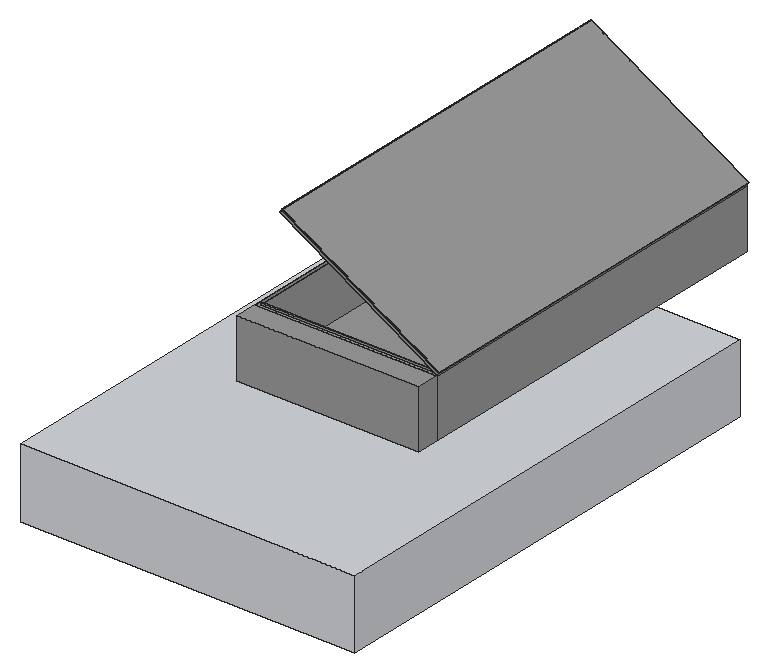
Revit family "Hager-Univers-IP55-D275-H1800-Cl.I-Steel_encl-CH-de", category Equipement électrique, Revit 2020
Family settings
  Hôte = Face
  Configuration du panneau = Deux colonnes, circuits au sein
  Cote de connecteur circulaire = Utiliser le diamètre
  Type d'élément = Tableau de raccordement
  Couper avec des vides une fois chargée = Non
  Partagée = Non
  Point de calcul de pièce = Non
Parameters (values of type "Bodenaufstellung IP55 B800 H1800 T275  - FR13E1")
  Width Control [instance] = if([EF000008 - Breite] > Min Width, [EF000008 - Breite], Min Width)  # 800 mm
  Commentaires du type = [HG000003 - Bereich]  # "Univers"
  Thickness Door [instance] = if([EF009171 - Materialstärke Tür/Deckel] > 3 mm, 3 mm, [EF009171 - Materialstärke Tür/Deckel])  # 1.5 mm
  Seal Frame Offset [instance] = 17 mm  # constant formula
  Plinth Visibility [instance] = [HG000027 - Sockelhöhe] > 0 mm  # yes
  Model = ""
  Min Width [instance] = 100 mm  # constant formula
  Min Height [instance] = 100 mm  # constant formula
  Min Depth [instance] = (2 * [EF009170 - Materialstärke Gehäuse]) + 1 mm  # 4 mm
  Internal Frame Depth [instance] = (Door System Depth * 0.5)  # 9 mm
  Height Control [instance] = if([EF000040 - Höhe] > Min Height, [EF000040 - Höhe], Min Height)  # 1800 mm
  HG000027 - Sockelhöhe = 100 mm
  HG000026 - Stehend auf dem Boden = yes
  HG000024 - Höhe des unteren Teils = 800 mm
  HG000023 - Gehäuse mit doppeltem Querschnitt = no
  HG000016 - 3D-Türsichtbarkeit [instance] = yes
  HG000015 - Sichtbarkeit der Türöffnung [instance] = no
  HG000014 - Tür rechts [instance] = yes
  HG000013 - Tür links [instance] = not([HG000014 - Tür rechts])  # no
  HG000012 - Türschwenkwinkel [instance] = 30.00°
  HG000010 - Asymmetrische Türen = no
  HG000009 - Doppelflügeligen Tür = no
  HG000006 - Unterputz = no
  HG000004 - Herstellerreferenz = "FR13E1"
  HG000003 - Bereich = "Univers"
  HG000002 - Mit tür = yes
  Frame Offset Bottom [instance] = 10 mm  # constant formula
  Frame Offset [instance] = 15 mm  # constant formula
  EF015940 - Deckel mit Überdruckentlastung = no
  EF011959 - Schutzart (NEMA) = ""
  EF009554 - Anzahl der Öffnungen für Flanschplatten = 6
  Fabricant = "Hager"  # constant formula
  EF009212 - Ausführung Deckel = "EV000116 - geschlossen"
  EF009171 - Materialstärke Tür/Deckel = 1.5 mm
  EF009170 - Materialstärke Gehäuse = 1.5 mm
  EF008873 - Nennstrom (In) = 800 A
  EF007800 - Geeignet für Blitzschutz = no
  EF006306 - Mit Schloss = no
  EF006244 - Transparenter Deckel/Tür = no
  EF005474 - Schutzart (IP) = "EV006420 - IP55"
  EF004464 - Art der Tür = "EV002646 - Einzel"
  EF004427 - Anzahl der Module = 396
  EF004293 - Schlagfestigkeit = "EV008784 - IK10"
  EF003532 - Geeignet für Außengebrauch = no
  EF002950 - Breite in Teilungseinheiten = 24
  EF001613 - Funktionserhalt = "EV000494 - ohne"
  EF001596 - Werkstoff des Gehäuses = "EV000179 - Stahl"
  EF001131 - Innentiefe = 275 mm
  EF001088 - Anbaumöglichkeit = yes
  EF000437 - Anzahl der Leitungseinführungen = 6
  EF000339 - Art der Abdeckung = "EV004216 - Tür"
  EF000266 - Anzahl der Reihen = 11
  EF000218 - Einbautiefe = 0 mm
  EF000118 - Mit Montageplatte = no
  EF000116 - RAL-Nummer = "7035"
  EF000049 - Tiefe = 275 mm
  EF000040 - Höhe = 1800 mm
  EF000008 - Breite = 800 mm
  EF000007 - Farbe = "EV000270 - grau"
  EF000003 - Montageart = "EV012274 - Bodenaufstellung"
  Door System Leaf Tolerance [instance] = 1.5 mm  # constant formula
  Door System Depth [instance] = 18 mm  # constant formula
  Door Height [instance] = Height Control - [HG000027 - Sockelhöhe]  # 1700 mm
  Depth Control [instance] = if([EF000049 - Tiefe] > Min Depth, [EF000049 - Tiefe], Min Depth)  # 275 mm
  Default Elevation = 0 mm
  Connector Offset [instance] = Height Control / 2  # 900 mm
  Bottom Top Plate Trim [instance] = 1.5 mm  # constant formula
  Plinth height Ctrl [instance] = if([HG000027 - Sockelhöhe] > 0 mm, [HG000027 - Sockelhöhe], 12 mm)  # 100 mm
Types (5, lengths in mm): name | Width Control | HG000010 - Asymmetrische Türen | HG000009 - Doppelflügeligen Tür | HG000004 - Herstellerreferenz | EF009554 - Anzahl der Öffnungen für Flanschplatten | EF004464 - Art der Tür | EF004427 - Anzahl der Module | EF000437 - Anzahl der Leitungseinführungen | EF000008 - Breite
  Bodenaufstellung IP55 B1050 H1800 T275  - FR14E1 | 1050 | yes | yes | "FR14E1" | 8 | "EV003602 - Doppel" | 528 | 8 | 1050
  Bodenaufstellung IP55 B1300 H1800 T275  - FR15E1 | 1300 | yes | yes | "FR15E1" | 10 | "EV003602 - Doppel" | 660 | 10 | 1300
  Bodenaufstellung IP55 B300 H1800 T275  - FR11E1 | 300 | no | no | "FR11E1" | 2 | "EV002646 - Einzel" | 132 | 2 | 300
  Bodenaufstellung IP55 B550 H1800 T275  - FR12E1 | 550 | no | no | "FR12E1" | 4 | "EV002646 - Einzel" | 264 | 4 | 550
  Bodenaufstellung IP55 B800 H1800 T275  - FR13E1 | 800 | no | no | "FR13E1" | 6 | "EV002646 - Einzel" | 396 | 6 | 800
Reference planes
  plane 1 "Center (Front/Back)": y = 0
  plane 2: z = 0
  plane 3 "Center (Left/Right)": x = 0
  plane 4: z = 275
  plane 5: y = 101.5
  plane 6: y = 950
  plane 7: y = 100
  plane 8: y = 1800
  plane 9: z = 0
  plane 10: x = -385
  plane 11: x = 385
  plane 12: x = 383.5
  plane 13: x = -383.5
  plane 14: y = 1798.5
  plane 15: x = -383
  plane 16: x = -400
  plane 17: x = 383
  plane 18: x = 400
  plane 19: x = 398.5
  plane 20: x = -398.5
  plane 21: y = 111.5
  plane 22: y = 1800
  plane 23: y = 1783.5
  plane 24: z = 257
  plane 25: z = 1.5
  plane 26: z = 255.5
  plane 27: z = 273.5
Forms (mm)
  Extrusion 1, solid
    sketch origin (0, 0, 0) x (1, 0, 0) y (0, 1, 0)
      loop
        line (-702.964, 1305) -> (-702.964, -811.445) -> (766.763, -811.445) -> (766.763, 1305) -> (-702.964, 1305)
    from 0 to -304.8
  Extrusion 2, solid, material "Hager_Steel_RAL7035_Light_Grey", visible <- "Plinth Visibility", detail levels medium+fine
    sketch origin (0, 0, 0) x (1, 0, 0) y (0, 1, 0)
      loop
        line (-400, 0) -> (400, 0) -> (400, 100) -> (-400, 100) -> (-400, 0)
    from 0 to 257
  Extrusion 3, solid, material "Hager_Steel_RAL7035_Light_Grey", detail levels medium+fine
    sketch origin (0, 0, 0) x (1, 0, 0) y (0, 1, 0)
      loop
        line (-400, 100) -> (400, 100) -> (400, 1800) -> (-400, 1800) -> (-400, 100)
    from 0 to 257
  Extrusion 4, void
    sketch origin (0, 0, 0) x (1, 0, 0) y (0, 1, 0)
      loop
        line (-398.5, 101.5) -> (398.5, 101.5) -> (398.5, 1798.5) -> (-398.5, 1798.5) -> (-398.5, 101.5)
    from 1.5 to 255.5
  Extrusion 5, void
    sketch origin (-381.607, -4572, 257) x (0, -1, 0) y (-1, 0, 0)
      loop
        line (-4683.5, 1.893) -> (-6355.5, 1.893) -> (-6355.5, -765.107) -> (-4683.5, -765.107) -> (-4683.5, 1.893)
    from 0 to 1.5 <- "EF009170 - Materialstärke Gehäuse"
  Extrusion 6, solid, material "Hager_Steel_RAL7035_Light_Grey", detail levels fine
    sketch origin (0, 0, 257) x (1, 0, 0) y (0, 1, 0)
      loop
        line (-383.5, 1783.5) -> (-383.5, 111.5) -> (383.5, 111.5) -> (383.5, 1783.5) -> (-383.5, 1783.5)
      loop
        line (-385, 110) -> (385, 110) -> (385, 1785) -> (-385, 1785) -> (-385, 110)
    from 0 to 9 <- "Internal Frame Depth"
  Extrusion 7, solid, material "Hager_Steel_RAL7035_Light_Grey", detail levels coarse
    sketch origin (0, 0, 0) x (1, 0, 0) y (0, 1, 0)
      loop
        line (-400, 0) -> (400, 0) -> (400, 1800) -> (-400, 1800) -> (-400, 0)
    from 0 to 275
  Sweep 8, void
    path in 3D
      loop
        line (-400, 100, 0) -> (400, 100, 0) -> (400, 100, 257) -> (-400, 100, 257) -> (-400, 100, 0)
    profile origin (-400, 100, 128.5) x (-1, 0, 0) y (0, -1, 0)
      loop
        line (0, 0) -> (0, 1.5) -> (-1.5, 1.5)
        arc (-1.5, 1.5) -> (-1.061, 0.439) -> (0, 0) r 1.5
Cuts and joins
  Extrusion 4, Extrusion 5 cuts Extrusion 3
  Sweep 8 cuts Extrusion 2
Lines and regions (mm)
  Masking region 1
    outline origin (0, 0, 0) x (1, 0, 0) y (0, 0, 1)
      loop
        line (-400, 275) -> (-400, 0) -> (400, 0) -> (400, 275) -> (-400, 275)
  Masking region 2, detail levels medium+fine
    outline origin (0, 140, 0) x (0, 1, 0) y (0, 0, 1)
      loop
        line (-40, 0) -> (1660, 0) -> (1660, 257) -> (-40, 257) -> (-40, 0)
  Masking region 3, not visible, detail levels medium+fine
    outline origin (0, 297.922, 0) x (0, 1, 0) y (0, 0, 1)
      loop
        line (663.578, 0) -> (703.578, 0) -> (703.578, 263.5)
        arc (703.578, 263.5) -> (700.649, 270.571) -> (693.578, 273.5) r 10
        line (693.578, 273.5) -> (663.578, 273.5) -> (663.578, 0)
  Masking region 4, detail levels coarse
    outline origin (0, 0, 180) x (0, 1, 0) y (0, 0, 1)
      loop
        line (0, -180) -> (1800, -180) -> (1800, 95) -> (0, 95) -> (0, -180)
  Masking region 5, visible <- "Plinth Visibility", detail levels medium+fine
    outline origin (0, 52.24, 12.345) x (0, 0, -1) y (0, 1, 0)
      loop
        line (10.845, 47.76) -> (-243.155, 47.76)
        arc (-243.155, 47.76) -> (-243.594, 46.699) -> (-244.655, 46.26) r 1.5
        line (-244.655, 46.26) -> (-244.655, -52.24) -> (12.345, -52.24) -> (12.345, 46.26)
        arc (12.345, 46.26) -> (11.285, 46.699) -> (10.845, 47.76) r 1.5
  Masking region 6, detail levels medium+fine
    outline origin (-381.607, -4572, 257) x (-1, 0, 0) y (0, -1, 0)
      loop
        line (18.393, -6372) -> (18.393, -4672) -> (-781.607, -4672) -> (-781.607, -6372) -> (18.393, -6372)
  Masking region 7, visible <- "Plinth Visibility", detail levels medium+fine
    outline origin (-381.607, -4727, 257) x (-1, 0, 0) y (0, -1, 0)
      loop
        arc (16.893, -4827) -> (17.332, -4825.939) -> (18.393, -4825.5) r 1.5
        line (18.393, -4825.5) -> (18.393, -4727) -> (-781.607, -4727) -> (-781.607, -4825.5)
        arc (-781.607, -4825.5) -> (-780.546, -4825.939) -> (-780.107, -4827) r 1.5
        line (-780.107, -4827) -> (16.893, -4827)
  Masking region 8, detail levels coarse
    outline origin (-442.548, -4669.526, 257) x (-1, 0, 0) y (0, -1, 0)
      loop
        line (-42.548, -6469.526) -> (-42.548, -4669.526) -> (-842.548, -4669.526) -> (-842.548, -6469.526) -> (-42.548, -6469.526)
  sketch lines
    curve 1: line (-400, 100, 257) -> (-400, 100, 0)
    curve 2: line (400, 100, 257) -> (-400, 100, 257)
    curve 3: line (400, 100, 257) -> (400, 100, 0)
    curve 4: line (-400, 100, 0) -> (400, 100, 0)
Dimensions and locks
  "Depth Control": plane 4 to Extrusion 1
  "HG000027 - Sockelhöhe": plane 1 "Center (Front/Back)" to plane 7
  "EF009170 - Materialstärke Gehäuse": plane 5 to plane 7
  locked: connector elem to plane 3 "Center (Left/Right)"
  equal spacing: plane 8, plane 6, plane 7
  locked: connector elem to plane 6
  "EF009170 - Materialstärke Gehäuse": plane 8 to plane 14
  "EF009170 - Materialstärke Gehäuse": plane 10 to plane 13
  "EF009170 - Materialstärke Gehäuse": plane 12 to plane 11
  "Frame Offset": plane 20 to plane 13
  "Frame Offset": plane 12 to plane 19
  "EF009170 - Materialstärke Gehäuse": plane 16 to plane 20
  "EF009170 - Materialstärke Gehäuse": plane 19 to plane 18
  "Seal Frame Offset": plane 16 to plane 15
  "Seal Frame Offset": plane 17 to plane 18
  "Frame Offset Bottom": plane 21 to plane 5
  "Frame Offset": plane 14 to plane 23
  equal spacing: plane 16, plane 3 "Center (Left/Right)", plane 18
  "Width Control": plane 16 to plane 18
  "EF009170 - Materialstärke Gehäuse": plane 4 to plane 27
  "EF009170 - Materialstärke Gehäuse": plane 24 to plane 26
  "EF009170 - Materialstärke Gehäuse": plane 25 to level
  "Door System Depth": plane 4 to plane 24
  "Height Control": plane 1 "Center (Front/Back)" to Extrusion 7 sketch curve
  "Height Control": Masking region 4 sketch curve to plane 1 "Center (Front/Back)"
  "Height Control": plane 1 "Center (Front/Back)" to plane 22
  "Bottom Top Plate Trim": profile plane to Sweep 8 sketch curve
  "Bottom Top Plate Trim": Sweep 8 sketch curve to profile plane
  "Plinth height Ctrl": plane 1 "Center (Front/Back)" to Extrusion 2 sketch curve
  "Plinth height Ctrl": Masking region 5 sketch curve to plane 1 "Center (Front/Back)"
  "Plinth height Ctrl": plane 1 "Center (Front/Back)" to Masking region 7 sketch curve
  "Thickness Door": Extrusion 6 sketch curve to Extrusion 6 sketch curve  (x3)
  "Thickness Door": cut or joined group of Extrusion 3, Extrusion 4, Extrusion 5 to Extrusion 6 sketch curve
  radius of Masking region 3 sketch curve = 10 mm
  "Bottom Top Plate Trim": radius of Masking region 5 sketch curve  (x2)
  "Bottom Top Plate Trim": radius of Sweep 8 sketch curve
  "Bottom Top Plate Trim": radius of Masking region 7 sketch curve  (x2)
  aligned and locked: plane 2 to Extrusion 1
  aligned and locked: level to Extrusion 1
  aligned and locked: level to Masking region 1 sketch curve
  aligned and locked: Masking region 1 sketch curve to plane 18
  aligned and locked: Masking region 1 sketch curve to plane 16
  aligned and locked: plane 7 to Masking region 2 sketch curve
  aligned and locked: level to Masking region 3 sketch curve
  aligned and locked: Masking region 3 sketch curve to plane 27
  aligned and locked: level to Masking region 2 sketch curve
  aligned and locked: plane 1 "Center (Front/Back)" to Extrusion 2 sketch curve
  aligned and locked: Extrusion 3 sketch curve to plane 7
  aligned and locked: plane 16 to Extrusion 3 sketch curve
  aligned and locked: plane 18 to Extrusion 3 sketch curve
  aligned and locked: plane 20 to Extrusion 4 sketch curve
  aligned and locked: plane 19 to Extrusion 4 sketch curve
  aligned and locked: Extrusion 4 sketch curve to plane 5
  aligned and locked: Extrusion 4 to plane 25
  aligned and locked: plane 26 to Extrusion 4
  aligned and locked: plane 24 to Extrusion 3
  aligned and locked: Extrusion 5 sketch curve to plane 21
  aligned and locked: Extrusion 5 sketch curve to plane 13
  aligned and locked: Extrusion 5 sketch curve to plane 12
  aligned and locked: plane 18 to Extrusion 7 sketch curve
  aligned and locked: plane 1 "Center (Front/Back)" to Extrusion 7 sketch curve
  aligned and locked: plane 16 to Extrusion 7 sketch curve
  aligned and locked: plane 4 to Extrusion 7
  aligned and locked: Extrusion 7 to level
  aligned and locked: level to Masking region 4 sketch curve
  aligned and locked: Masking region 4 sketch curve to plane 1 "Center (Front/Back)"
  aligned and locked: Masking region 4 sketch curve to plane 4
  aligned and locked: nested 1 to level
  aligned and locked: nested 1 to plane 16
  aligned and locked: plane 8 to Extrusion 3 sketch curve
  aligned and locked: plane 23 to Extrusion 5 sketch curve
  aligned and locked: plane 14 to Extrusion 4 sketch curve
  aligned and locked: Masking region 2 sketch curve to plane 8
  aligned and locked: level to Masking region 5 sketch curve
  aligned and locked: plane 16 to Extrusion 2 sketch curve
  aligned and locked: plane 18 to Extrusion 2 sketch curve
  aligned and locked: Masking region 5 sketch curve to plane 24
  aligned and locked: Masking region 2 sketch curve to plane 24
  aligned and locked: plane 24 to Extrusion 2
  aligned and locked: profile plane to Sweep 8 sketch curve  (x2)
  aligned and locked: Masking region 6 sketch curve to plane 18
  aligned and locked: Masking region 6 sketch curve to plane 22
  aligned and locked: Masking region 6 sketch curve to plane 16
  aligned and locked: plane 8 to plane 22
  aligned and locked: Masking region 6 sketch curve to plane 7
  aligned and locked: Masking region 7 sketch curve to plane 16
  aligned and locked: Masking region 7 sketch curve to plane 1 "Center (Front/Back)"
  aligned and locked: Masking region 7 sketch curve to plane 18
  aligned and locked: Masking region 8 sketch curve to plane 1 "Center (Front/Back)"
  aligned and locked: Masking region 8 sketch curve to plane 18
  aligned and locked: Masking region 8 sketch curve to plane 22
  aligned and locked: Masking region 8 sketch curve to plane 16
  aligned and locked: nested 2 to plane 7
  aligned and locked: plane 3 "Center (Left/Right)" to nested 2
  aligned and locked: nested 2 to plane 24
  aligned and locked: Extrusion 6 sketch curve to cut or joined group of Extrusion 3, Extrusion 4, Extrusion 5  (x4)
Automatic sketch dimensions
  Extrusion 1 sketch curve to Extrusion 1 sketch curve = 1469.727 mm
  Extrusion 1 sketch curve to Extrusion 1 sketch curve = 2116.445 mm
  Masking region 1 sketch curve to plane 4 = 0 mm
  plane 6 to Masking region 3 sketch curve = 11.5 mm
  Masking region 3 sketch curve to Masking region 3 sketch curve = 30 mm
  Masking region 5 sketch curve to plane 1 "Center (Front/Back)" = 0 mm
Nested families
  nested 1: "Hager_Enclosure_Symbol" at (-400, 0, 0) x (1, 0, 0) z (0, -1, 0), Height <- "Depth Control", Width <- "Width Control", type "Hager_Enclosure_Symbol"
    with Width_Ctrl 800 mm, Width 800 mm, Height_Ctrl 275 mm, Height 275 mm, A_Width_Int 18.047 mm, A_Width 216.562 mm, A_Height_Ctrl 240.625 mm, A_Height 240.625 mm
  nested 2: "EC000058_Univers_Door" at (0, 100, 257) x (1, 0, 0) z (0, 1, 0), Leaf_Tolerance <- "Door System Leaf Tolerance", Angle <- "HG000012 - Türschwenkwinkel", Door_Depth <- "Door System Depth", Door_Left <- "HG000013 - Tür links", Transparent <- "EF006244 - Transparenter Deckel/Tür", Assymetrical <- "HG000010 - Asymmetrische Türen", Width <- "Width Control", Clearance <- "HG000015 - Sichtbarkeit der Türöffnung", Double <- "HG000009 - Doppelflügeligen Tür", 3d_Door <- "HG000016 - 3D-Türsichtbarkeit", Lock_Visibility <- "EF006306 - Mit Schloss", Width_Ctrl <- "Width Control", Door_Right <- "HG000014 - Tür rechts", Door <- "HG000002 - Mit tür", Height <- "Door Height", Thickness <- "Thickness Door", type "EC000058_Univers_Door", detail levels medium+fine
    with min_wh 4 mm, Width_Ctrl 800 mm, Width 800 mm, Transparent no, Thickness 1.5 mm, Seal_Material Hager_Rubber, Lock_Visibility no, Lock_Material Hager_Plastic_RAL9005_Jet_Black, Leaf_Width 800 mm, Leaf_Tolerance_External_Sides 0 mm, Leaf_Tolerance 1.5 mm, Leaf_Offset 0 mm, Leaf_Height 1697 mm, Leaf_2_Width 800 mm, Leaf_2_Offset 400 mm, Leaf_1_Width 800 mm, Leaf_1_Offset 400 mm, Height_Ctrl 1700 mm, Height 1700 mm, Glass_Material Hager_Glass, Double_Clearance_Ctrl no, Double no, Door_Right_Ctrl yes, Door_Right yes, Door_Material Hager_Steel_RAL7035_Light_Grey, Door_Left_Ctrl no, Door_Left no, Door_Depth 18 mm, Door yes, Clearance_Material Hager_Clearance, Clearance_Depth 800 mm, Clearance_Ctrl no, Clearance no, Assymetrical no, Angle 30.00°, 3d_Door yes
Connectors
  electrical at (0, 950, 0)
    settings: on plane 9, index 1, voltage 0 V, apparent load 0 VA, apparent load phase1 0 VA, apparent load phase2 0 VA, apparent load phase3 0 VA, power factor 1, load classification "Other", number of poles 1, system type 30, power factor state 1, is connector primary yes, connector utility no, sub classification motor no, connector description ""
Definition of nested family "EC000058_Univers_Door"
  Parameters (values of type "EC000058_Univers_Door")
    min_wh [instance] = (2 * Thickness) + 1 mm  # 11 mm
    Width_Ctrl [instance] = 400 mm
    Width [instance] = 500 mm
    Transparent [instance] = yes
    Thickness [instance] = 5 mm
    Seal_Material [instance] = none
    Lock_Visibility [instance] = yes
    Lock_Material [instance] = none
    Leaf_Width [instance] = if((Width_Ctrl - 2 * Leaf_Tolerance_External_Sides) > 0 mm, (Width_Ctrl - 2 * Leaf_Tolerance_External_Sides), min_wh)  # 400 mm
    Leaf_Tolerance_External_Sides [instance] = 0 mm  # constant formula
    Leaf_Tolerance [instance] = 1.5 mm
    Leaf_Offset [instance] = 0 mm  # constant formula
    Leaf_Height [instance] = if((Height_Ctrl - 2 * Leaf_Tolerance) > 0 mm, (Height_Ctrl - 2 * Leaf_Tolerance), min_wh)  # 497 mm
    Leaf_2_Width [instance] = if(and(and(Double, Assymetrical), Door_Left), (Leaf_Width / 3) - (Leaf_Tolerance / 2), if(and(and(Double, Assymetrical), Door_Right), (Leaf_Width / 3) * 2 - (Leaf_Tolerance / 2), if(and(Double, not(Assymetrical)), (Leaf_Width / 2) - Leaf_Tolerance, Leaf_Width)))  # 400 mm
    Leaf_2_Offset [instance] = if(and(Double, Assymetrical), Leaf_2_Width / 2, if(and(Double, not(Assymetrical)), Leaf_Width / 4, Leaf_Width / 2))  # 200 mm
    Leaf_1_Width [instance] = if(and(and(Double, Assymetrical), Door_Right), (Leaf_Width / 3) - (Leaf_Tolerance / 2), if(and(and(Double, Assymetrical), Door_Left), (Width / 3) * 2 - (Leaf_Tolerance / 2), if(and(Double, not(Assymetrical)), (Leaf_Width / 2) - Leaf_Tolerance, Leaf_Width)))  # 400 mm
    Leaf_1_Offset [instance] = if(and(Double, Assymetrical), Leaf_1_Width / 2, if(and(Double, not(Assymetrical)), Leaf_Width / 4, Leaf_Width / 2))  # 200 mm
    Height_Ctrl [instance] = if(Height > min_wh, Height, min_wh)  # 500 mm
    Height [instance] = 500 mm
    Glass_Material [instance] = none
    Double_Clearance_Ctrl [instance] = and(Double, Clearance)  # no
    Double [instance] = no
    Door_Right_Ctrl [instance] = and(or(Door_Right, Double), Door)  # yes
    Door_Right [instance] = yes
    Door_Material [instance] = none
    Door_Left_Ctrl [instance] = and(or(Door_Left, Double), Door)  # no
    Door_Left [instance] = no
    Door_Depth [instance] = 30 mm
    Door [instance] = yes
    Default Elevation = 1219.2 mm
    Clearance_Material [instance] = none
    Clearance_Depth [instance] = if(Leaf_1_Width > Leaf_2_Width, Leaf_1_Width, Leaf_2_Width)  # 400 mm
    Clearance_Ctrl [instance] = and(not(Double), Clearance)  # yes
    Clearance [instance] = yes
    Assymetrical [instance] = yes
    Angle [instance] = 30.00°
    3d_Door [instance] = yes
  Reference planes
    plane 1 "Center (Front/Back)": y = 0
    plane 2 "Bottom": z = 0
    plane 3 "Center (Left/Right)": x = 0
    plane 4: z = 500
    plane 5: x = -200
    plane 6: x = 200
    plane 7: z = 500
    plane 8: x = -200
    plane 9: z = 0
    plane 10: x = 200
    plane 11: y = 0
    plane 12: z = 1.5
    plane 13: x = -600
    plane 14: y = -400
    plane 15: x = 600
    plane 16: x = 0
    plane 17: x = 0
    plane 18: x = -200
    plane 19: x = 200
    plane 20: z = 498.5
  Forms (mm)
    Extrusion 1, solid, material <- "Clearance_Material", visible <- "Double_Clearance_Ctrl"
      sketch origin (1200, 0, 0) x (1, 0, 0) y (0, 0, -1)
        loop
          line (-1800, -498.5) -> (-600, -498.5) -> (-600, 0) -> (-1800, 0) -> (-1800, -498.5)
      from 0 to -400
  Dimensions and locks
    equal spacing: plane 5, plane 3 "Center (Left/Right)", plane 6
    "Width_Ctrl": plane 5 to plane 6
    "Leaf_Offset": plane 5 to plane 8
    "Leaf_Offset": plane 6 to plane 10
    "Leaf_Offset": plane 9 to level
    "Leaf_Offset": plane 4 to plane 7
    "Height_Ctrl": plane 4 to level
    "Leaf_Tolerance": plane 12 to plane 9
    locked: plane 11 to plane 1 "Center (Front/Back)"
    "Leaf_1_Offset": plane 18 to plane 16
    "Leaf_2_Offset": plane 17 to plane 19
    "Leaf_1_Width": plane 13 to plane 8
    "Leaf_2_Width": plane 10 to plane 15
    "Clearance_Depth": plane 14 to plane 1 "Center (Front/Back)"
    "Leaf_Tolerance_External_Sides": plane 8 to plane 18
    "Leaf_Tolerance_External_Sides": plane 19 to plane 10
    "Leaf_Tolerance": plane 7 to plane 20
    aligned and locked: level to plane 2 "Bottom"
    aligned and locked: nested 1 to plane 16
    aligned and locked: nested 2 to plane 17
    aligned and locked: Extrusion 1 to plane 13
    aligned and locked: plane 15 to Extrusion 1
    aligned and locked: Extrusion 1 to plane 14
    aligned and locked: plane 12 to nested 1
    aligned and locked: nested 2 to plane 12
    aligned and locked: Extrusion 1 to plane 11
    aligned and locked: plane 20 to Extrusion 1
    aligned and locked: nested 2 to plane 11
    aligned and locked: nested 1 to plane 11
  Automatic sketch dimensions
    Extrusion 1 sketch curve to level = 0 mm
    plane 5 to Extrusion 1 sketch curve = 400 mm
    plane 6 to Extrusion 1 sketch curve = 400 mm
    Extrusion 1 sketch curve to plane 4 = 1.5 mm
  Nested families
    nested 1: "EC000058_Univers_Door_Leaf" at (0, 0, 1.5), Width <- "Leaf_1_Width", visible <- "Door_Left_Ctrl", Leaf_Height <- "Leaf_Height", Angle <- "Angle", 3d_Door <- "3d_Door", Transparent <- "Transparent", Clearance Material <- "Clearance_Material", Clearance <- "Clearance_Ctrl", Door_Material <- "Door_Material", Glass_Material <- "Glass_Material", Door_Depth <- "Door_Depth", Lock_Material <- "Lock_Material", Seal_Material <- "Seal_Material", Lock_Visibility <- "Lock_Visibility", Thickness <- "Thickness", type "EC000058_Univers_Door_Leaf"
      with Width 400 mm, Transparent_Glass_Offset 30 mm, Transparent_Ctrl yes, Transparent yes, Thickness 5 mm, Standard no, Seal_Material none, Seal_D2 8 mm, Seal_D1 1 mm, Offset_Internal_Frame 10 mm, Lock_Width 20 mm, Lock_Visibility_3d yes, Lock_Visibility yes, Lock_Thickness_3 3 mm, Lock_Thickness_2 1 mm, Lock_Thickness_1 3 mm, Lock_Radius_Offset_2 16 mm, Lock_Radius_Offset_1 15 mm, Lock_Radius_2 5 mm, Lock_Radius 6 mm, Lock_Offset 5 mm, Lock_Material none, Lock_Height 80 mm, Lock_Cover_Top_Offset_2d 17 mm, Lock_Cover_Height -65 mm, Leaf_Height 497 mm, Internal_Seal_Thickness 8 mm, Internal_Seal_Depth_2 4.5 mm, Internal_Frame_Depth 25 mm, Glass_Thickness -1 mm, Glass_Offset -2 mm, Glass_Material none, Door_Material none, Door_Depth 30 mm, Clearance Material none, Clearance yes, Angle_Ctrl 30.00°, Angle 30.00°, 3d_Door yes
    nested 2: "EC000058_Univers_Door_Leaf" at (0, 0, 1.5) x (-1, 0, 0) z (0, 0, 1), Width <- "Leaf_2_Width", visible <- "Door_Right_Ctrl", Leaf_Height <- "Leaf_Height", Angle <- "Angle", 3d_Door <- "3d_Door", Transparent <- "Transparent", Clearance Material <- "Clearance_Material", Clearance <- "Clearance_Ctrl", Door_Material <- "Door_Material", Glass_Material <- "Glass_Material", Door_Depth <- "Door_Depth", Lock_Material <- "Lock_Material", Seal_Material <- "Seal_Material", Lock_Visibility <- "Lock_Visibility", Thickness <- "Thickness", type "EC000058_Univers_Door_Leaf"
      with Width 400 mm, Transparent_Glass_Offset 30 mm, Transparent_Ctrl yes, Transparent yes, Thickness 5 mm, Standard no, Seal_Material none, Seal_D2 8 mm, Seal_D1 1 mm, Offset_Internal_Frame 10 mm, Lock_Width 20 mm, Lock_Visibility_3d yes, Lock_Visibility yes, Lock_Thickness_3 3 mm, Lock_Thickness_2 1 mm, Lock_Thickness_1 3 mm, Lock_Radius_Offset_2 16 mm, Lock_Radius_Offset_1 15 mm, Lock_Radius_2 5 mm, Lock_Radius 6 mm, Lock_Offset 5 mm, Lock_Material none, Lock_Height 80 mm, Lock_Cover_Top_Offset_2d 17 mm, Lock_Cover_Height -65 mm, Leaf_Height 497 mm, Internal_Seal_Thickness 8 mm, Internal_Seal_Depth_2 4.5 mm, Internal_Frame_Depth 25 mm, Glass_Thickness -1 mm, Glass_Offset -2 mm, Glass_Material none, Door_Material none, Door_Depth 30 mm, Clearance Material none, Clearance yes, Angle_Ctrl 30.00°, Angle 30.00°, 3d_Door yes
  Definition of nested family "EC000058_Univers_Door_Leaf"
    Parameters (values of type "EC000058_Univers_Door_Leaf")
      Width [instance] = 2000 mm
      Transparent_Glass_Offset [instance] = 30 mm
      Transparent_Ctrl [instance] = and(Transparent, [3d_Door])  # yes
      Transparent [instance] = yes
      Thickness [instance] = 5 mm
      Standard [instance] = and(not(Transparent), [3d_Door])  # no
      Seal_Material [instance] = none
      Seal_D2 [instance] = 8 mm  # constant formula
      Seal_D1 [instance] = 1 mm  # constant formula
      Offset_Internal_Frame [instance] = 10 mm  # constant formula
      Lock_Width [instance] = 20 mm  # constant formula
      Lock_Visibility_3d [instance] = and(Lock_Visibility, [3d_Door])  # yes
      Lock_Visibility [instance] = yes
      Lock_Thickness_3 [instance] = 3 mm  # constant formula
      Lock_Thickness_2 [instance] = 1 mm  # constant formula
      Lock_Thickness_1 [instance] = 3 mm  # constant formula
      Lock_Radius_Offset_2 [instance] = Lock_Radius_Offset_1 + 1 mm  # 16 mm
      Lock_Radius_Offset_1 [instance] = 15 mm  # constant formula
      Lock_Radius_2 [instance] = Lock_Radius - 1 mm  # 5 mm
      Lock_Radius [instance] = 6 mm  # constant formula
      Lock_Offset [instance] = 5 mm  # constant formula
      Lock_Material [instance] = none
      Lock_Height [instance] = 80 mm  # constant formula
      Lock_Cover_Top_Offset_2d [instance] = Lock_Radius_Offset_2 + 1 mm  # 17 mm
      Lock_Cover_Height [instance] = -(Lock_Height - Lock_Radius_Offset_1)  # -65 mm
      Leaf_Height [instance] = 2720.336 mm
      Internal_Seal_Thickness [instance] = 8 mm  # constant formula
      Internal_Seal_Depth_2 [instance] = 4.5 mm  # constant formula
      Internal_Frame_Depth [instance] = if(Door_Depth - Thickness > 5 mm, Door_Depth - Thickness, 5 mm)  # 25 mm
      Glass_Thickness [instance] = if(Thickness > 15 mm, Glass_Offset + 10 mm, -1 mm)  # -1 mm
      Glass_Offset [instance] = if(Thickness > 15 mm, -(Thickness + 10 mm) / 2, -2 mm)  # -2 mm
      Glass_Material [instance] = none
      Door_Material [instance] = none
      Door_Depth [instance] = 30 mm
      Default Elevation = 0 mm
      Clearance Material [instance] = none
      Clearance [instance] = yes
      Angle_Ctrl [instance] = if(Angle > 180.00°, 180.00°, Angle)  # 90.00°
      Angle [instance] = 90.00°
      3d_Door [instance] = yes
    Reference planes
      plane 1 "Center (Front/Back)": y = 0
      plane 2: z = 0
      plane 3 "Center (Left/Right)": x = 0
      plane 4: y = 2000
      plane 5: x = -1000
      plane 6: x = 1000
      plane 7: x = -3000
      plane 8: z = 2720.336
      plane 9: z = 30
      plane 10: z = 2690.336
      plane 11: x = 970
      plane 12: x = -970
      plane 13: y = -3
      plane 14: z = 107.833
      plane 15: y = -5
      plane 16: y = -223.314
      plane 17: x = -1000
      plane 18: z = 1360.168
      plane 19: y = 30
    Forms (mm)
      Extrusion 1, solid, material <- "Clearance Material", visible <- "Clearance"
        sketch origin (0, 0, 0) x (1, 0, 0) y (0, 0, 1)
          loop
            line (-3000, 2720.336) -> (-3000, 0) -> (1000, 0) -> (1000, 2720.336) -> (-3000, 2720.336)
        from 0 to -2000
      Extrusion 2, solid, material <- "Door_Material", visible <- "Standard", detail levels medium+fine
        sketch origin (-1000, 0, 0) x (0, 1, 0) y (-1, 0, 0)
          loop
            line (0, 30) -> (0, 25) -> (2000, 25) -> (2000, 30) -> (0, 30)
        from 0 to 2720.336 <- "Leaf_Height"
      Extrusion 3, solid, material <- "Door_Material", visible <- "Transparent_Ctrl", detail levels medium+fine
        sketch origin (-1000, 0, 0) x (0, 1, 0) y (-1, 0, 0)
          loop
            line (0, 25) -> (2000, 25) -> (2000, 30) -> (0, 30) -> (0, 25)
        from 0 to 2720.336 <- "Leaf_Height"
      Extrusion 4, void
        sketch origin (-1025, 2000, 0) x (0, 1, 0) y (0, 0, -1)
          loop
            line (-30, -2690.336) -> (-30, -30) -> (-1970, -30) -> (-1970, -2690.336) -> (-30, -2690.336)
        from 0 to 5 <- "Thickness"
      Sweep 5, solid, material <- "Seal_Material", visible <- "Transparent_Ctrl", detail levels fine
        path in 3D
          loop
            line (-1025, 30, 30) -> (-1025, 30, 2690.336) -> (-1025, 1970, 2690.336) -> (-1025, 1970, 30) -> (-1025, 30, 30)
        profile origin (-1025, 1000, 30) x (1, 0, 0) y (0, 0, 1)
          loop
            line (0, 0) -> (0, -8) -> (1, -8) -> (1, 0) -> (0, 0)
      Extrusion 6, solid, material <- "Glass_Material", visible <- "Transparent_Ctrl", detail levels medium+fine
        sketch origin (-1030, 0, 0) x (0, 1, 0) y (0, 0, -1)
          loop
            line (1970, -2690.336) -> (1970, -30) -> (30, -30) -> (30, -2690.336) -> (1970, -2690.336)
        from -2 <- "Glass_Offset" to -1 <- "Glass_Thickness"
      Extrusion 7, solid, material <- "Door_Material", visible <- "3d_Door", detail levels medium+fine
        sketch origin (-1025, 2000, 0) x (0, -1, 0) y (0, 0, -1)
          loop
            line (0, -2720.336) -> (2000, -2720.336) -> (2000, 0) -> (0, 0) -> (0, -2720.336)
          loop
            line (1995, -5) -> (5, -5) -> (5, -2715.336) -> (1995, -2715.336) -> (1995, -5)
        from 0 to 25 <- "Internal_Frame_Depth"
      Sweep 8, solid, material <- "Seal_Material", visible <- "Transparent_Ctrl", detail levels fine
        path in 3D
          loop
            line (-1025, 0, 0) -> (-1025, 2000, 0) -> (-1025, 2000, 2720.336) -> (-1025, 0, 2720.336) -> (-1025, 0, 0)
        profile origin (-1025, 0, 1360.168) x (1, 0, 0) y (0, 1, 0)
          loop
            line (0, 10) -> (2.975, 10)
            arc (2.975, 10) -> (4.053, 10.447) -> (4.5, 11.525) r 1.525
            line (4.5, 11.525) -> (4.5, 16.527)
            arc (4.5, 16.527) -> (4.069, 17.569) -> (3.027, 18) r 1.473
            line (3.027, 18) -> (0, 18) -> (0, 10)
      Extrusion 9, solid, material <- "Lock_Material", visible <- "Lock_Visibility_3d", detail levels fine
        sketch origin (-1030, 0, 0) x (0, 1, 0) y (0, 0, -1)
          loop
            arc (1993.5, -1400.168) -> (1994.561, -1399.729) -> (1995, -1398.668) r 1.5
            line (1995, -1398.668) -> (1995, -1320.168) -> (1975, -1320.168) -> (1975, -1398.668)
            arc (1975, -1398.668) -> (1975.439, -1399.729) -> (1976.5, -1400.168) r 1.5
            line (1976.5, -1400.168) -> (1993.5, -1400.168)
        from 3 <- "Lock_Thickness_1" to 0
      Blend 10, solid, material <- "Lock_Material", visible <- "Lock_Visibility_3d", detail levels fine
        base sketch origin (-1033, 0, 0) x (0, 1, 0) y (0, 0, -1)
          loop
            line (1975, -1320.168) -> (1975, -1398.668)
            arc (1975, -1398.668) -> (1975.439, -1399.729) -> (1976.5, -1400.168) r 1.5
            line (1976.5, -1400.168) -> (1993.5, -1400.168)
            arc (1993.5, -1400.168) -> (1994.561, -1399.729) -> (1995, -1398.668) r 1.5
            line (1995, -1398.668) -> (1995, -1320.168) -> (1975, -1320.168)
        top sketch origin (-1033, 0, 0) x (0, 1, 0) y (0, 0, -1)
          loop
            line (1976, -1320.168) -> (1976, -1398.668)
            arc (1976, -1398.668) -> (1976.146, -1399.022) -> (1976.5, -1399.168) r 0.5
            line (1976.5, -1399.168) -> (1993.5, -1399.168)
            arc (1993.5, -1399.168) -> (1993.854, -1399.022) -> (1994, -1398.668) r 0.5
            line (1994, -1398.668) -> (1994, -1320.168) -> (1976, -1320.168)
        from 0 to 1 <- "Lock_Thickness_2"
      Blend 11, solid, material <- "Lock_Material", visible <- "Lock_Visibility_3d", detail levels fine
        base sketch origin (-1034, 0, 0) x (0, 1, 0) y (0, 0, -1)
          loop
            line (1978, -1320.168) -> (1978, -1384.168)
            arc (1978, -1384.168) -> (1985, -1391.168) -> (1992, -1384.168) r 7
            line (1992, -1384.168) -> (1992, -1320.168) -> (1978, -1320.168)
        top sketch origin (-1034, 0, 0) x (0, 1, 0) y (0, 0, -1)
          loop
            line (1991, -1320.168) -> (1979, -1320.168) -> (1979, -1383.168)
            arc (1979, -1383.168) -> (1985, -1389.168) -> (1991, -1383.168) r 6
            line (1991, -1383.168) -> (1991, -1320.168)
        from 0 to 3 <- "Lock_Thickness_3"
      Extrusion 12, solid, material <- "Lock_Material", visible <- "Lock_Visibility_3d", detail levels fine
        sketch origin (-1030, 1975, 1320.168) x (1, 0, 0) y (0, -1, 0)
          loop
            line (-7, -19) -> (-7, -1) -> (0, -1) -> (0, 0) -> (-8, 0) -> (-8, -20) -> (0, -20) -> (0, -19) -> (-7, -19)
        from 0 to -65 <- "Lock_Cover_Height"
      Extrusion 13, void
        sketch origin (-1038, 1995, 1320.168) x (-1, 0, 0) y (0, 0, -1)
          loop
            line (-5, -65) -> (0, -65) -> (-5, -60) -> (-5, -65)
        from 0 to 20 <- "Lock_Width"
      Extrusion 14, void
        sketch origin (-1038, 1975, 1320.168) x (0, -1, 0) y (0, 0, -1)
          loop
            circle (-10, -15.995) r 6
          loop
            circle (-10, -15.995) r 5
        from 0 to 2
      Extrusion 15, solid, material <- "Lock_Material", visible <- "Lock_Visibility_3d", detail levels medium
        sketch origin (-1030, 0, 0) x (0, 1, 0) y (0, 0, -1)
          loop
            arc (1993.5, -1400.168) -> (1994.561, -1399.729) -> (1995, -1398.668) r 1.5
            line (1995, -1398.668) -> (1995, -1320.168) -> (1975, -1320.168) -> (1975, -1398.668)
            arc (1975, -1398.668) -> (1975.439, -1399.729) -> (1976.5, -1400.168) r 1.5
            line (1976.5, -1400.168) -> (1993.5, -1400.168)
        from 8 to 0
    Cuts and joins
      Extrusion 4 cuts Extrusion 3
      Extrusion 13, Extrusion 14 cuts Extrusion 9
      Extrusion 14 cuts Blend 11
      Extrusion 13, Extrusion 14 cuts Extrusion 12
      joined: Extrusion 9, Blend 10, Blend 11, Extrusion 12
      Extrusion 14 cuts Extrusion 15
    Lines and regions (mm)
      Masking region 1, visible <- "Lock_Visibility", detail levels fine
        outline origin (0, 0, 0) x (0, 1, 0) y (0, 0, 1)
          loop
            line (30, 1320.168) -> (33, 1320.168) -> (33, 1400.168) -> (30, 1400.168) -> (30, 1320.168)
      Masking region 2, visible <- "Lock_Visibility", detail levels fine
        outline origin (0, 3.143, 0) x (0, 1, 0) y (0, 0, 1)
          loop
            line (29.857, 1354.168) -> (30.857, 1354.168) -> (30.857, 1366.168) -> (29.857, 1366.168) -> (29.857, 1354.168)
      Masking region 3, detail levels medium+fine
        outline origin (0, 0, 0) x (0, 1, 0) y (0, 0, 1)
          loop
            line (0, 0) -> (30, 0) -> (30, 2720.336) -> (0, 2720.336) -> (0, 0)
      Masking region 4, detail levels medium+fine
        outline origin (0, 0, 0) x (1, 0, 0) y (0, 0, 1)
          loop
            line (-1000, 2720.336) -> (-1000, 0) -> (1000, 0) -> (1000, 2720.336) -> (-1000, 2720.336)
      Masking region 5, visible <- "Lock_Visibility", detail levels fine
        outline origin (-47.116, 0, 0) x (1, 0, 0) y (0, 0, 1)
          loop
            arc (1024.616, 1399.168) -> (1023.556, 1398.729) -> (1023.116, 1397.668) r 1.5
            line (1023.116, 1397.668) -> (1023.116, 1320.168) -> (1041.116, 1320.168) -> (1041.116, 1397.668)
            arc (1041.116, 1397.668) -> (1040.677, 1398.729) -> (1039.616, 1399.168) r 1.5
            line (1039.616, 1399.168) -> (1024.616, 1399.168)
      Masking region 6, visible <- "Lock_Visibility", detail levels medium+fine
        outline origin (-25, 0, 0) x (1, 0, 0) y (0, 0, 1)
          loop
            arc (1001.5, 1400.168) -> (1000.439, 1399.729) -> (1000, 1398.668) r 1.5
            line (1000, 1398.668) -> (1000, 1320.168) -> (1020, 1320.168) -> (1020, 1398.668)
            arc (1020, 1398.668) -> (1019.561, 1399.729) -> (1018.5, 1400.168) r 1.5
            line (1018.5, 1400.168) -> (1001.5, 1400.168)
      Masking region 7, visible <- "Lock_Visibility", detail levels fine
        outline origin (-73.735, 0, 0) x (1, 0, 0) y (0, 0, 1)
          loop
            line (1051.735, 1382.168) -> (1065.735, 1382.168) -> (1065.735, 1384.168)
            arc (1065.735, 1384.168) -> (1058.735, 1391.168) -> (1051.735, 1384.168) r 7
            line (1051.735, 1384.168) -> (1051.735, 1382.168)
      Masking region 8, visible <- "Lock_Visibility", detail levels fine
        outline origin (-73.735, 0, 0) x (1, 0, 0) y (0, 0, 1)
          loop
            line (1052.735, 1382.168) -> (1064.735, 1382.168) -> (1064.735, 1383.168)
            arc (1064.735, 1383.168) -> (1058.735, 1389.168) -> (1052.735, 1383.168) r 6
            line (1052.735, 1383.168) -> (1052.735, 1382.168)
      Masking region 9, visible <- "Lock_Visibility", detail levels fine
        outline origin (-25, 0, 0) x (1, 0, 0) y (0, 0, 1)
          loop
            line (1020, 1320.168) -> (1020, 1382.168) -> (1000, 1382.168) -> (1000, 1320.168) -> (1020, 1320.168)
      Masking region 10, detail levels medium+fine
        outline origin (0, 0, 0) x (1, 0, 0) y (0, 0, 1)
          loop
            circle (985, 1335.144) r 6
      Masking region 11, detail levels fine
        outline origin (0, 0, 0) x (1, 0, 0) y (0, 0, 1)
          loop
            circle (985, 1335.144) r 5
      Masking region 12, visible <- "Lock_Visibility", detail levels fine
        outline origin (0, 12.767, 0) x (0, 1, 0) y (0, 0, 1)
          loop
            line (20.233, 1320.168) -> (21.233, 1320.168) -> (21.233, 1399.168) -> (20.233, 1400.168) -> (20.233, 1320.168)
      Masking region 13, visible <- "Lock_Visibility", detail levels fine
        outline origin (0, 13.767, -10) x (0, 1, 0) y (0, 0, 1)
          loop
            line (20.233, 1330.168) -> (23.233, 1330.168) -> (23.233, 1399.168) -> (20.233, 1402.168) -> (20.233, 1330.168)
      Masking region 14, visible <- "Lock_Visibility", detail levels fine
        outline origin (0, 12.767, -10) x (0, 1, 0) y (0, 0, 1)
          loop
            line (20.233, 1330.168) -> (25.233, 1330.168) -> (25.233, 1399.305) -> (20.233, 1394.305) -> (20.233, 1330.168)
      Masking region 15, visible <- "Lock_Visibility", detail levels medium
        outline origin (0, 0, 0) x (0, 1, 0) y (0, 0, 1)
          loop
            line (30, 1320.168) -> (38, 1320.168) -> (38, 1400.168) -> (30, 1400.168) -> (30, 1320.168)
      Masking region 16, visible <- "Lock_Visibility", detail levels fine
        outline origin (-1000, 0, 0) x (0, 1, 0) y (-1, 0, 0)
          loop
            line (1975, 30) -> (1995, 30) -> (1995, 38) -> (1975, 38) -> (1975, 30)
          loop
            line (1979, 37) -> (1976, 37) -> (1976, 34) -> (1978, 34) -> (1979, 37)
          loop
            line (1994, 37) -> (1991, 37) -> (1992, 34) -> (1994, 34) -> (1994, 37)
      Masking region 17, visible <- "Lock_Visibility", detail levels medium
        outline origin (-1000, 0, 0) x (0, 1, 0) y (-1, 0, 0)
          loop
            line (1975, 30) -> (1995, 30) -> (1995, 38) -> (1975, 38) -> (1975, 30)
      symbolic lines
        curve 1: line (1000, 0, 0) -> (-3000, 0, 0)
        curve 2: arc (1000, 0, 0) -> (-1000, 2000, 0) -> (-3000, 0, 0) r 2000
        curve 4: line (-1030, 0, 0) -> (-1030, 2000, 0)
      reference lines
        curve 3: line (-1000, 0, 0) -> (-1000, 2000, 0)
      symbolic lines, detail levels medium+fine
        curve 5: line (-1030, 2000, 0) -> (-1025, 2000, 0)
        curve 7: line (-1025, 0, 0) -> (-1030, 0, 0)
        curve 8: line (-1025, 0, 0) -> (-1000, 0, 0)
        curve 9: line (-1000, 0, 0) -> (-1000, 2000, 0)
        curve 10: line (-1000, 2000, 0) -> (-1025, 2000, 0)
      symbolic lines, detail levels fine
        curve 6: line (-1025, 2000, 0) -> (-1025, 0, 0)
      sketch lines
        curve 11: line (-1025, 0, 2720.336) -> (-1025, 0, 0)
        curve 12: line (-1025, 2000, 0) -> (-1025, 0, 0)
        curve 13: line (-1025, 2000, 2720.336) -> (-1025, 2000, 0)
        curve 14: line (-1025, 0, 2720.336) -> (-1025, 2000, 2720.336)
        curve 15: line (-1025, 1970, 30) -> (-1025, 30, 30)
        curve 16: line (-1025, 30, 30) -> (-1025, 30, 2690.336)
        curve 17: line (-1025, 1970, 2690.336) -> (-1025, 1970, 30)
        curve 18: line (-1025, 30, 2690.336) -> (-1025, 1970, 2690.336)
      symbolic lines, visible <- "Transparent", detail levels medium+fine
        curve 19: line (-970, 0, 2690.336) -> (970, 0, 2690.336)
        curve 20: line (-970, 0, 30) -> (-970, 0, 2690.336)
        curve 21: line (970, 0, 30) -> (-970, 0, 30)
        curve 22: line (970, 0, 2690.336) -> (970, 0, 30)
    Dimensions and locks
      "Width": plane 1 "Center (Front/Back)" to plane 4
      equal spacing: plane 5, plane 3 "Center (Left/Right)", plane 6
      "Width": plane 5 to plane 6
      "Width": plane 7 to plane 5
      "Leaf_Height": plane 8 to level
      "Width": curve 5 to curve 3
      "Width": curve 3 to curve 3
      plane 8 to plane 10 = 30 mm
      plane 9 to level = 30 mm
      plane 12 to plane 5 = 30 mm
      plane 6 to plane 11 = 30 mm
      Extrusion 1 to Extrusion 4 sketch curve = 30 mm
      "Transparent_Glass_Offset": curve 3 to Extrusion 4 sketch curve
      "Transparent_Glass_Offset": Extrusion 4 sketch curve to cut or joined group of Extrusion 3, Extrusion 4  (x2)
      cut or joined group of Extrusion 3, Extrusion 4 to Extrusion 6 sketch curve = 30 mm
      "Transparent_Glass_Offset": cut or joined group of Extrusion 3, Extrusion 4 to Extrusion 4 sketch curve
      "Thickness": curve 6 to curve 4
      "Thickness": Extrusion 7 sketch curve to Extrusion 7 sketch curve  (x4)
      "Door_Depth": curve 4 to curve 3
      "Offset_Internal_Frame": profile plane to Sweep 8 sketch curve
      "Internal_Seal_Thickness": Sweep 8 sketch curve to Sweep 8 sketch curve
      "Internal_Seal_Depth_2": profile plane to Sweep 8 sketch curve
      "Seal_D1": profile plane to Sweep 5 sketch curve
      "Seal_D2": profile plane to Sweep 5 sketch curve
      "Thickness": Extrusion 2 sketch curve to Extrusion 2 sketch curve
      equal spacing: Extrusion 9 sketch curve, plane 18, Extrusion 9 sketch curve  (x2)
      equal spacing: Masking region 1 sketch curve, plane 18, Masking region 1 sketch curve
      "Lock_Height": Masking region 1 sketch curve to Masking region 1 sketch curve
      "Lock_Radius": Masking region 2 sketch curve to plane 18 to Masking region 2 sketch curve
      Masking region 2 sketch curve to Masking region 1 = 1 mm
      "Door_Depth": plane 19 to plane 1 "Center (Front/Back)"
      "Lock_Thickness_1": Masking region 1 sketch curve to plane 19
      "Lock_Width": Extrusion 9 sketch curve to Extrusion 9 sketch curve
      "Lock_Height": Extrusion 9 sketch curve to Extrusion 9 sketch curve
      "Lock_Offset": cut or joined group of Extrusion 3, Extrusion 4 to Extrusion 9 sketch curve
      equal spacing: plane 8, plane 18, level
      "Lock_Radius_Offset_1": Blend 11 sketch curve to Blend 10
      locked: Blend 10 to Blend 11 sketch curve at 2  (x2)
      locked: var sketch to Blend 11 sketch curve at 1  (x2)
      "Lock_Radius_Offset_2": Blend 11 sketch curve to Blend 10
      locked: Extrusion 12 sketch curve to Extrusion 12 sketch curve at 1  (x3)
      Masking region 6 sketch curve to Masking region 6 sketch curve = 80 mm
      "Lock_Height": Masking region 6 sketch curve to Masking region 6 sketch curve
      "Lock_Width": Masking region 6 sketch curve to Masking region 6 sketch curve
      locked: Masking region 6 to Masking region 5 sketch curve at 1  (x3)
      locked: Masking region 5 to Masking region 7 sketch curve at 2  (x2)
      "Lock_Radius_Offset_1": Masking region 5 to Masking region 7 sketch curve
      "Lock_Radius_Offset_2": Masking region 5 to Masking region 8 sketch curve
      locked: Masking region 7 to Masking region 8 sketch curve at 1  (x2)
      "Lock_Cover_Top_Offset_2d": Masking region 5 to Masking region 9 sketch curve
      equal spacing: Masking region 9, Masking region 10 sketch curve, Masking region 9
      equal spacing: Masking region 9, Masking region 11 sketch curve, Masking region 9
      Extrusion 15 sketch curve to Extrusion 15 sketch curve = 80 mm
      "Lock_Width": Extrusion 15 sketch curve to Extrusion 15 sketch curve
      "Lock_Height": Extrusion 15 sketch curve to Extrusion 15 sketch curve
      equal spacing: Extrusion 15 sketch curve, plane 18, Extrusion 15 sketch curve
      "Lock_Thickness_3": Masking region 13 sketch curve to Masking region 13 sketch curve
      "Lock_Height": Masking region 12 sketch curve to Masking region 12 sketch curve
      locked: Masking region 13 sketch curve to Masking region 1 at 8
      locked: Masking region 14 sketch curve to Masking region 13 at 1
      locked: Masking region 14 sketch curve to Masking region 1 at 10.863
      "Lock_Height": Masking region 15 sketch curve to Masking region 15 sketch curve
      "Lock_Offset": Extrusion 15 sketch curve to cut or joined group of Extrusion 3, Extrusion 4
      "Lock_Offset": plane 6 to Masking region 6 sketch curve
      radius of Sweep 8 sketch curve = 1.525 mm
      radius of Sweep 8 sketch curve = 1.473 mm
      radius of Extrusion 9 sketch curve = 1.5 mm  (x2)
      "Lock_Radius": radius of Extrusion 14 sketch curve
      "Lock_Radius_2": radius of Extrusion 14 sketch curve
      "Lock_Radius": radius of Masking region 10 sketch curve
      "Lock_Radius_2": radius of Masking region 11 sketch curve
      radius of Extrusion 15 sketch curve = 1.5 mm  (x2)
      "Angle_Ctrl": angle plane 1 "Center (Front/Back)" to curve 3
      locked: Masking region 12 sketch curve to Masking region 12 sketch curve (angle 45.00°)
      locked: Masking region 13 sketch curve to Masking region 13 sketch curve (angle 45.00°)
      locked: Masking region 14 sketch curve to Masking region 14 sketch curve (angle 45.00°)
      aligned and locked: level to plane 2
      aligned and locked: Extrusion 1 to curve 1
      aligned and locked: plane 6 to Extrusion 1
      aligned and locked: Extrusion 1 to plane 1 "Center (Front/Back)"
      aligned and locked: plane 4 to Extrusion 1
      aligned and locked: plane 8 to Extrusion 1
      aligned and locked: curve 7 to Extrusion 2 sketch curve
      aligned and locked: curve 5 to Extrusion 2 sketch curve
      aligned and locked: curve 7 to Extrusion 3 sketch curve
      aligned and locked: Extrusion 3 sketch curve to curve 4
      aligned and locked: Extrusion 3 sketch curve to curve 6
      aligned and locked: Extrusion 3 sketch curve to curve 5
      aligned and locked: curve 9 to curve 3
      aligned and locked: Extrusion 7 sketch curve to cut or joined group of Extrusion 3, Extrusion 4  (x4)
      aligned and locked: plane 17 to curve 3
      aligned and locked: plane 1 "Center (Front/Back)" to curve 3
      aligned and locked: plane 17 to plane 5
      aligned and locked: Sweep 8 sketch curve to profile plane
      aligned and locked: Sweep 5 sketch curve to profile plane  (x2)
      aligned and locked: Masking region 1 to Masking region 2 sketch curve
      aligned and locked: plane 19 to Masking region 1 sketch curve
      aligned and locked: plane 1 "Center (Front/Back)" to Masking region 3 sketch curve
      aligned and locked: plane 19 to Masking region 3 sketch curve
      aligned and locked: level to Masking region 3 sketch curve
      aligned and locked: Masking region 3 sketch curve to plane 8
      aligned and locked: plane 17 to Masking region 4 sketch curve
      aligned and locked: level to Masking region 4 sketch curve
      aligned and locked: Masking region 4 sketch curve to plane 8
      aligned and locked: plane 12 to curve 20
      aligned and locked: plane 10 to curve 19
      aligned and locked: plane 11 to curve 22
      aligned and locked: curve 21 to plane 9
      aligned and locked: Extrusion 2 sketch curve to cut or joined group of Extrusion 3, Extrusion 4
      aligned and locked: Blend 10 sketch curve to Extrusion 9  (x4)
      aligned and locked: Extrusion 9 to Blend 10 sketch curve
      aligned and locked: Blend 10 to Blend 11 sketch curve
      aligned and locked: Extrusion 12 sketch curve to Blend 11
      aligned and locked: Extrusion 12 sketch curve to Extrusion 9  (x4)
      aligned and locked: Masking region 5 sketch curve to Masking region 6
      aligned and locked: Masking region 9 sketch curve to Masking region 6  (x3)
      aligned and locked: Masking region 12 sketch curve to Masking region 1
      aligned and locked: Masking region 13 sketch curve to Masking region 1
      aligned and locked: Masking region 12 to Masking region 14
      aligned and locked: Masking region 14 sketch curve to Masking region 1
      aligned and locked: Masking region 15 sketch curve to Masking region 14
      aligned and locked: Masking region 13 sketch curve to Masking region 12
      aligned and locked: Masking region 16 sketch curve to cut or joined group of Extrusion 14, Extrusion 15  (x4)
      aligned and locked: Masking region 16 sketch curve to cut or joined group of Extrusion 9, Blend 10, Blend 11, Extrusion 12, Extrusion 13, Extrusion 14  (x6)
      aligned and locked: cut or joined group of Extrusion 9, Blend 10, Blend 11, Extrusion 12, Extrusion 13, Extrusion 14 to Masking region 16 sketch curve
      aligned and locked: Masking region 17 sketch curve to cut or joined group of Extrusion 14, Extrusion 15  (x3)
      aligned and locked: Masking region 17 sketch curve to cut or joined group of Extrusion 9, Blend 10, Blend 11, Extrusion 12, Extrusion 13, Extrusion 14
      aligned and locked: Masking region 9 to Masking region 8 sketch curve
      aligned and locked: Masking region 9 to Masking region 7 sketch curve
    Automatic sketch dimensions
      plane 1 "Center (Front/Back)" to curve 2 = 0 mm
      curve 2 to plane 5 = 0 mm
      Extrusion 1 sketch curve to level = 0 mm
      Extrusion 1 sketch curve to plane 7 = 0 mm
      Extrusion 1 sketch curve to plane 6 = 0 mm
      Extrusion 1 sketch curve to plane 8 = 0 mm
      Extrusion 3 to Extrusion 6 sketch curve = 30 mm  (x4)
      Masking region 4 sketch curve to plane 6 = 0 mm
      Blend 10 sketch curve to Extrusion 9 = 1.5 mm
      Blend 10 sketch curve to Extrusion 9 = 1 mm
      Extrusion 13 sketch curve to Extrusion 12 = 0 mm  (x2)
      Extrusion 12 to Extrusion 13 sketch curve = 3 mm
      Extrusion 13 sketch curve to Extrusion 12 = 5 mm
      Extrusion 14 sketch curve to Extrusion 14 sketch curve = 0 mm  (x2)
      Extrusion 14 sketch curve to Extrusion 12 = 10 mm
      Extrusion 14 sketch curve to Extrusion 12 = 15.995 mm
      Masking region 5 sketch curve to Masking region 5 sketch curve = 1.5 mm  (x2)
      Masking region 10 sketch curve to plane 18 = 25.024 mm
      Masking region 11 sketch curve to plane 18 = 25.024 mm
      plane 19 to Masking region 14 sketch curve = 3 mm
      Masking region 16 sketch curve to Masking region 16 sketch curve = 3 mm
      curve 4 to curve 3 = 0 mm
      Blend 10 to Blend 11 sketch curve = 0 mm
      Masking region 6 sketch curve to Masking region 6 sketch curve = 1.5 mm  (x2)
      Masking region 6 sketch curve to plane 18 = 40 mm
      plane 19 to Masking region 12 sketch curve = 3 mm
      Masking region 12 sketch curve to Masking region 12 sketch curve = 1 mm
      Masking region 15 sketch curve to plane 19 = 0 mm
      Masking region 15 sketch curve to plane 18 = 40 mm
      radius of Blend 10 sketch curve to Extrusion 9 = 1 mm
Definition of nested family "Hager_Enclosure_Symbol"
  Parameters (values of type "Hager_Enclosure_Symbol")
    Width_Ctrl [instance] = if(Width > 1 mm, Width, 1 mm)  # 102.27 mm
    Width [instance] = 102.27 mm
    Height_Ctrl [instance] = if(Height > 1 mm, Height, 1 mm)  # 66.5 mm
    A_Width_Int [instance] = if(A_Width / 12 > 2 mm, A_Width / 12, 2 mm)  # 4.364 mm
    A_Width [instance] = if(A_Height_Ctrl * 0.9 > 2 mm, A_Height_Ctrl * 0.9, 2 mm)  # 52.369 mm
    A_Height_Ctrl [instance] = if(A_Height > 2 mm, A_Height, 2 mm)  # 58.188 mm
    Height [instance] = 66.5 mm
    A_Height [instance] = Height - (Height / 8)  # 58.188 mm
  Reference planes
    plane 1 "Centre (avant/arrière)": y = 0
    plane 2: z = 0
    plane 3 "Centre (gauche/droite)": x = 0
    plane 4: x = 52.369
    plane 5: y = 33.042
    plane 6: y = 41.77
    plane 7: y = 66.5
    plane 8: x = 26.184
    plane 9: y = 37.406
    plane 10: x = 102.27
    plane 11: y = 66.5
    plane 12: y = 8.313
  Lines and regions (mm)
    Filled region 1, type "Solid_Black", in view "Niveau de réf."
      outline origin (0, 0, 0) x (1, 0, 0) y (0, 1, 0)
        loop
          line (52.369, 66.5) -> (33.188, 54.536) -> (45.365, 45.006) -> (52.369, 66.5)
    Filled region 2, type "Solid_Black", in view "Niveau de réf."
      outline origin (0, 0, 0) x (1, 0, 0) y (0, 1, 0)
        loop
          line (0, 0) -> (102.27, 0) -> (102.27, 66.5) -> (0, 0)
    detail lines, in view "Niveau de réf."
      curve 1: line (0, 8.313, 0) -> (26.184, 41.77, 0)
      curve 2: line (26.184, 41.77, 0) -> (26.184, 33.042, 0)
      curve 3: line (26.184, 33.042, 0) -> (52.369, 66.5, 0)
  Dimensions and locks
    "A_Width": plane 3 "Centre (gauche/droite)" to plane 4
    equal spacing: plane 3 "Centre (gauche/droite)", plane 8, plane 4
    equal spacing: plane 6, plane 9, plane 5
    equal spacing: curve 3, Filled region 1 sketch curve, Filled region 1 sketch curve
    "Height_Ctrl": plane 1 "Centre (avant/arrière)" to plane 11
    "A_Height_Ctrl": plane 11 to plane 12
    equal spacing: plane 11, plane 9, plane 12
    "A_Width_Int": plane 6 to plane 9
    "Width_Ctrl": plane 3 "Centre (gauche/droite)" to plane 10
    angle Filled region 1 sketch curve to curve 3 = 20.00°
    angle curve 3 to Filled region 1 sketch curve = 20.00°
    locked: curve 3 to Filled region 1 sketch curve (angle 90.00°)
    aligned and locked: plane 10 to Filled region 2
    aligned and locked: plane 11 to Filled region 2 sketch curve
    aligned and locked: plane 10 to Filled region 2 sketch curve
    aligned and locked: plane 3 "Centre (gauche/droite)" to curve 1
    aligned and locked: plane 12 to curve 1
    aligned and locked: plane 7 to plane 11
  Automatic sketch dimensions
    Filled region 1 sketch curve to plane 4 = 0 mm
    Filled region 1 sketch curve to plane 7 = 0 mm
    plane 1 "Centre (avant/arrière)" to Filled region 2 sketch curve = 0 mm
    Filled region 2 sketch curve to plane 3 "Centre (gauche/droite)" = 0 mm
    curve 2 to plane 6 = 0 mm
    curve 2 to plane 8 = 0 mm
    curve 3 to plane 4 = 0 mm
    curve 2 to plane 5 = 0 mm
    curve 3 to plane 7 = 0 mm
